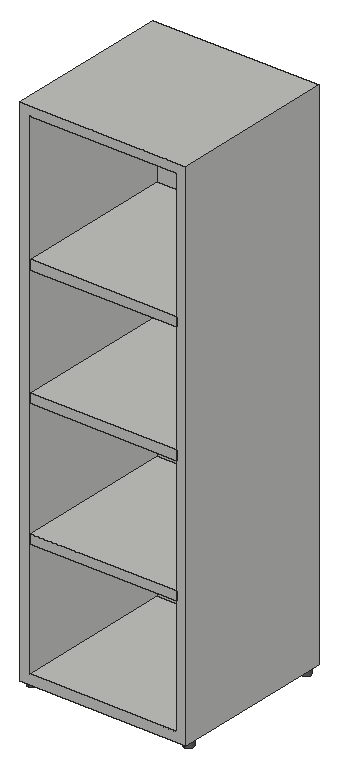
Revit family "Storage-Freestanding-Teknion-JNFBL-Bookcase-R2015", category Furniture, Revit 2015
Parameters (values of type "18" Depth")
  Width [instance] = 18.000"
  Warranty = "http://www.teknion.com/ca/papers/legal-canada"
  Unit Weight URL = "http://www.teknion.com/ca/tools/assets#&asset=bee6a381-b954-425e-8283-5a2de3a804f2,f828d448-4b62-4231-9e5f-9a8991c0ed77"
  URL = "www.teknion.com"
  Sustainability Data = "http://www.teknion.com/ca/tools/assets#&topic=216f99a5-57a0-44fc-b10a-9dee9b29ae4c&asset=444deb64-fe58-4b68-981e-f75e97781df7"
  Shelf #3 Visibility [instance] = or(Height = 51.000", Height = 57.000")  # yes
  Shelf #2 Visibility [instance] = if(Height > 41.000", 1 < 2, if(or(Height = 51.000", Height = 57.000"), 1 < 2, 1 > 2))  # yes
  Series = "Expansion Cityline"  # constant formula
  Product Page URL = "http://www.teknion.com/ca/products/product-details?productlineid=9ad2a26e-8e7a-673b-a6c8-ff05004460c4"
  Product Line = "Expansion Cityline"  # constant formula
  Product Documentation Link = "http://www.teknion.com/pricing/expansion-cityline/pdfs/JNFBL_ppg.pdf"
  Part Number = "JNFBL"  # constant formula
  Note [instance] = "Available Depths are 15 and 18 inches. Available Widths are 18, 24, 30, and 36 inches. Heights are 28, 29, 42, 51, and 57 inches."  # constant formula
  Model = "JNFBL18"
  Manufacturer Phone = "416-661-3370"  # constant formula
  Manufacturer Fax = "416.661.4586"  # constant formula
  Manufacturer Contact Information = "http://www.teknion.com/ca/contactus"
  Manufacturer Address = "1150 Flint Road, Toronto, ON. M3J 2J5. Canada"  # constant formula
  Manufacturer = "Teknion"  # constant formula
  Height [instance] = 57.000"
  Description = "Bookcase, 18\" Depth"
  Depth = 18.000"
  Case Finish [instance] = Source Laminate - Teknion - RV - Very White
  Assembly Code = "E2020200"
  Actual Depth [instance] = if(and(Height = 28.000", Depth = 18.000"), 17.102", if(and(Height = 28.000", Depth = 15.000"), 14.250", Depth))  # 18.000"
Types (2): name | Model | Description | Depth | Actual Depth
  15" Depth | "JNFBL15" | "Bookcase, 15\" Depth" | 15.000" | 15.000"
  18" Depth | "JNFBL18" | "Bookcase, 18\" Depth" | 18.000" | 18.000"
Reference planes (in)
  plane 1 "Center Front/Back": y = 0
  plane 2: z = 0
  plane 3 "Center Left/Right": x = 0
  plane 4 "Left": x = -9
  plane 5 "Right": x = 9
  plane 6 "Back": y = 9
  plane 7 "Front": y = -9
  plane 8 "Top": z = 57
  plane 9: z = 0.60236
  plane 10: x = -7.98425
  plane 11: x = 7.98425
  plane 12: y = 8.25984
  plane 13: z = 15.30118
  plane 14: z = 14.30118
  plane 15: z = 42
  plane 16: z = 40.98425
  plane 17: z = 29
  plane 18: z = 27.98425
  plane 19: z = 1.61811
  plane 20: z = 55.98425
Forms (in)
  Extrusion 1, solid, material "Source Laminate - Teknion - RV - Very White" <- "Case Finish"
    sketch origin (9, -180, 0.60236) x (0, -1, 0) y (-1, 0, 0)
      loop
        line (-189, 18) -> (-189, 0) -> (-171, 0) -> (-171, 18) -> (-189, 18)
    from 0 to -56.39764
  Extrusion 2, void
    sketch origin (-65.92586, -9, 52.26575) x (1, 0, 0) y (0, 0, -1)
      loop
        line (57.94161, 50.64764) -> (57.94161, -3.7185) -> (73.91011, -3.7185) -> (73.91011, 50.64764) -> (57.94161, 50.64764)
    from 0 to 17.25984
  Extrusion 3, solid, material "Source Laminate - Teknion - RV - Very White" <- "Case Finish"
    sketch origin (7.98425, -180, 15.30118) x (0, -1, 0) y (-1, 0, 0)
      loop
        line (-171, 15.9685) -> (-188.25984, 15.9685) -> (-188.25984, 0) -> (-171, 0) -> (-171, 15.9685)
    from 0 to 1
  Extrusion 4, solid, material "Source Laminate - Teknion - RV - Very White" <- "Case Finish", visible <- "Shelf #2 Visibility"
    sketch origin (7.98425, -180, 29) x (0, -1, 0) y (-1, 0, 0)
      loop
        line (-171, 15.9685) -> (-188.25984, 15.9685) -> (-188.25984, 0) -> (-171, 0) -> (-171, 15.9685)
    from 0 to 1.01575
  Extrusion 5, solid, material "Source Laminate - Teknion - RV - Very White" <- "Case Finish", visible <- "Shelf #3 Visibility"
    sketch origin (7.98425, -180, 42) x (0, -1, 0) y (-1, 0, 0)
      loop
        line (-171, 15.9685) -> (-188.25984, 15.9685) -> (-188.25984, 0) -> (-171, 0) -> (-171, 15.9685)
    from 0 to 1.01575
  Extrusion 6, solid, material "Plastic - Teknion - 52 - Ebony"
    sketch origin (7.98425, -180, 15.30118) x (0, -1, 0) y (-1, 0, 0)
      loop
        circle (-188.00039, 16.47864) r 0.5
    from 14.69882 to 15.30118
  Extrusion 7, solid, material "Plastic - Teknion - 52 - Ebony"
    sketch origin (-7.98425, -180, 15.30118) x (0, 1, 0) y (1, 0, 0)
      loop
        circle (188.00039, 16.47864) r 0.5
    from 14.69882 to 15.30118
  Extrusion 8, solid, material "Plastic - Teknion - 52 - Ebony"
    sketch origin (7.98425, 180, 15.30118) x (0, -1, 0) y (-1, 0, 0)
      loop
        circle (188.00039, 16.47864) r 0.5
    from 14.69882 to 15.30118
  Extrusion 9, solid, material "Plastic - Teknion - 52 - Ebony"
    sketch origin (-7.98425, 180, 15.30118) x (0, 1, 0) y (1, 0, 0)
      loop
        circle (-188.00039, 16.47864) r 0.5
    from 14.69882 to 15.30118
Cuts and joins
  Extrusion 2 cuts Extrusion 1
Lines and regions (in)
  Masking region 1
    outline origin (7.98425, -180, 15.30118) x (0, -1, 0) y (1, 0, 0)
      loop
        line (-189, -16.98425) -> (-171, -16.98425) -> (-171, 1.01575) -> (-189, 1.01575) -> (-189, -16.98425)
  symbolic lines, style "FurnitureHiddenLines", detail levels medium+fine
    curve 1: line (-7.98425, -9, 15.30118) -> (-7.98425, 8.25984, 15.30118)
    curve 2: line (-7.98425, 8.25984, 15.30118) -> (7.98425, 8.25984, 15.30118)
    curve 3: line (7.98425, 8.25984, 15.30118) -> (7.98425, -9, 15.30118)
  symbolic lines, style "FurnitureHiddenLines", detail levels fine
    curve 4: arc (-8.49439, 7.50039, 15.30118) -> (-7.99439, 8.00039, 15.30118) -> (-8.49439, 8.50039, 15.30118) r 0.5
    curve 5: arc (-8.49439, 8.50039, 15.30118) -> (-8.99439, 8.00039, 15.30118) -> (-8.49439, 7.50039, 15.30118) r 0.5
    curve 6: arc (8.49439, 7.50039, 15.30118) -> (8.99439, 8.00039, 15.30118) -> (8.49439, 8.50039, 15.30118) r 0.5
    curve 7: arc (8.49439, 8.50039, 15.30118) -> (7.99439, 8.00039, 15.30118) -> (8.49439, 7.50039, 15.30118) r 0.5
    curve 8: arc (8.49439, -8.50039, 15.30118) -> (8.99439, -8.00039, 15.30118) -> (8.49439, -7.50039, 15.30118) r 0.5
    curve 9: arc (8.49439, -7.50039, 15.30118) -> (7.99439, -8.00039, 15.30118) -> (8.49439, -8.50039, 15.30118) r 0.5
    curve 10: arc (-8.49439, -8.50039, 15.30118) -> (-7.99439, -8.00039, 15.30118) -> (-8.49439, -7.50039, 15.30118) r 0.5
    curve 11: arc (-8.49439, -7.50039, 15.30118) -> (-8.99439, -8.00039, 15.30118) -> (-8.49439, -8.50039, 15.30118) r 0.5
  reference lines
    curve 12: line (-9, 9, 0) -> (-9, -9, 0)
    curve 13: line (-9, 9, 0) -> (9, 9, 0)
    curve 14: line (9, 9, 0) -> (9, -9, 0)
    curve 15: line (-9, -9, 0) -> (9, -9, 0)
Dimensions and locks (in)
  "Width": plane 4 "Left" to plane 5 "Right"
  "Actual Depth": plane 6 "Back" to plane 7 "Front"
  "Height": plane 8 "Top" to level
  equal spacing: plane 6 "Back", plane 1 "Center Front/Back", plane 7 "Front"
  equal spacing: plane 4 "Left", plane 3 "Center Left/Right", plane 5 "Right"
  locked: plane 9 to plane 2 at 0.60236
  locked: plane 4 "Left" to plane 10 at 1.01575
  locked: plane 11 to plane 5 "Right" at 1.01575
  locked: plane 6 "Back" to plane 12 at 0.74016
  locked: plane 13 to plane 14 at 1
  locked: plane 14 to plane 2 at 14.30118
  locked: plane 17 to plane 18 at 1.01575
  locked: plane 18 to plane 13 at 12.68307
  locked: plane 15 to plane 16 at 1.01575
  locked: plane 16 to plane 17 at 11.98425
  locked: Extrusion 6 sketch curve to plane 10 at 0.51014
  locked: plane 6 "Back" to Extrusion 6 sketch curve at 0.99961
  locked: Extrusion 9 sketch curve to plane 5 "Right" at 0.50561
  locked: plane 7 "Front" to Extrusion 9 sketch curve at 0.99961
  locked: plane 4 "Left" to Extrusion 8 sketch curve at 0.50561
  locked: plane 7 "Front" to Extrusion 8 sketch curve at 0.99961
  locked: plane 12 to Extrusion 7 sketch curve at 0.25945
  locked: plane 11 to Extrusion 7 sketch curve at 0.51014
  locked: plane 8 "Top" to plane 20 at 1.01575
  aligned and locked: level to plane 2
  aligned and locked: Extrusion 1 sketch curve to plane 4 "Left"
  aligned and locked: Extrusion 1 sketch curve to plane 6 "Back"
  aligned and locked: Extrusion 1 sketch curve to plane 5 "Right"
  aligned and locked: Extrusion 1 sketch curve to plane 7 "Front"
  aligned and locked: plane 8 "Top" to Extrusion 1
  aligned and locked: plane 9 to Extrusion 1
  aligned and locked: plane 12 to Extrusion 2
  aligned and locked: plane 10 to Extrusion 2
  aligned and locked: plane 7 "Front" to Extrusion 2
  aligned and locked: plane 11 to Extrusion 2
  aligned and locked: plane 10 to Extrusion 3 sketch curve
  aligned and locked: plane 12 to Extrusion 3 sketch curve
  aligned and locked: Extrusion 3 sketch curve to plane 11
  aligned and locked: Extrusion 3 sketch curve to plane 7 "Front"
  aligned and locked: Extrusion 3 to plane 13
  aligned and locked: plane 14 to Extrusion 3
  aligned and locked: Extrusion 5 to plane 15
  aligned and locked: plane 16 to Extrusion 5
  aligned and locked: plane 10 to Extrusion 5
  aligned and locked: plane 11 to Extrusion 5
  aligned and locked: Extrusion 4 to plane 17
  aligned and locked: plane 18 to Extrusion 4
  aligned and locked: plane 10 to Extrusion 4
  aligned and locked: plane 11 to Extrusion 4
  aligned and locked: plane 19 to cut or joined group of Extrusion 1, Extrusion 2
  aligned and locked: Extrusion 6 to plane 2
  aligned and locked: Extrusion 6 to plane 9
  aligned and locked: Extrusion 7 to plane 9
  aligned and locked: Extrusion 7 to plane 2
  aligned and locked: Extrusion 8 to plane 9
  aligned and locked: Extrusion 8 to plane 2
  aligned and locked: plane 9 to Extrusion 6
  aligned and locked: plane 2 to Extrusion 6
  aligned and locked: Extrusion 9 to plane 9
  aligned and locked: Extrusion 9 to plane 2
  aligned and locked: plane 20 to cut or joined group of Extrusion 1, Extrusion 2
  aligned and locked: Masking region 1 sketch curve to plane 6 "Back"
  aligned and locked: Masking region 1 sketch curve to plane 4 "Left"
  aligned and locked: Masking region 1 sketch curve to plane 7 "Front"
  aligned and locked: Masking region 1 sketch curve to plane 5 "Right"
  aligned and locked: curve 1 to cut or joined group of Extrusion 1, Extrusion 2
  aligned and locked: curve 2 to cut or joined group of Extrusion 1, Extrusion 2
  aligned and locked: curve 3 to cut or joined group of Extrusion 1, Extrusion 2
  aligned and locked: curve 4 to Extrusion 6
  aligned and locked: curve 5 to Extrusion 6
  aligned and locked: curve 6 to Extrusion 7
  aligned and locked: curve 7 to Extrusion 7
  aligned and locked: curve 8 to Extrusion 9
  aligned and locked: curve 9 to Extrusion 9
  aligned and locked: curve 10 to Extrusion 8
  aligned and locked: curve 11 to Extrusion 8
  aligned and locked: curve 12 to plane 4 "Left"
  aligned and locked: curve 13 to plane 6 "Back"
  aligned and locked: curve 14 to plane 5 "Right"
  aligned and locked: curve 15 to plane 7 "Front"
Automatic sketch dimensions
  plane 10 to Extrusion 2 sketch curve = 0.000"
  Extrusion 2 sketch curve to plane 11 = 0.000"
  Extrusion 2 sketch curve to plane 19 = 0.000"
  plane 16 to Extrusion 2 sketch curve = 15.000"
  Extrusion 4 sketch curve to plane 10 = 0.000"
  Extrusion 4 sketch curve to plane 12 = 0.000"
  plane 7 "Front" to Extrusion 4 sketch curve = 0.000"
  Extrusion 4 sketch curve to plane 11 = 0.000"
  Extrusion 5 sketch curve to plane 10 = 0.000"
  Extrusion 5 sketch curve to plane 12 = 0.000"
  plane 7 "Front" to Extrusion 5 sketch curve = 0.000"
  Extrusion 5 sketch curve to plane 11 = 0.000"
  plane 7 "Front" to curve 1 = 0.000"
  plane 7 "Front" to curve 3 = 0.000"
  radius of Extrusion 6 sketch curve = 0.500"
  radius of Extrusion 7 sketch curve = 0.500"
  radius of Extrusion 8 sketch curve = 0.500"
  radius of Extrusion 9 sketch curve = 0.500"
